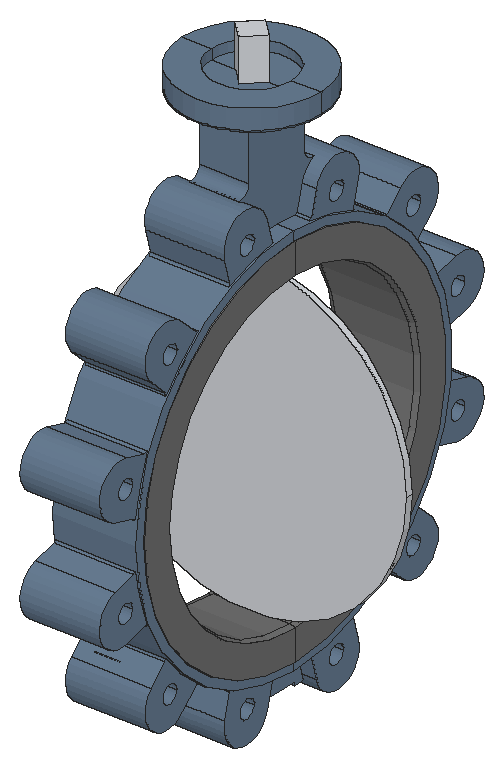
Revit family "HERZ Isolating Butterfly Valves AF-4219", category Rohrzubehör, Revit 2019 (continued)
Lines and regions (mm)
  model lines, detail levels coarse+medium
    curve 11: line (39, 0, -183) -> (-39, 0, 183)
    curve 12: circle (0, 0, 0) r 5 normal (0, -1, 0)
Dimensions and locks
  "H01": Revolve 2 sketch curve to plane 2
  "H02": Revolve 2 sketch curve to Revolve 2 sketch curve
  "R01": Revolve 2 sketch curve to Revolve 2 sketch curve
  "D01": plane 2 to Revolve 1 sketch curve
  "D02": plane 2 to Revolve 1 sketch curve
  "D03": plane 2 to Revolve 1 sketch curve
  "L01": Revolve 1 sketch curve to plane 3 "Mitte (Links/rechts)"
  "L02": plane 3 "Mitte (Links/rechts)" to Revolve 1 sketch curve  (x2)
  "D05": Revolve 6 sketch curve to plane 2
  "D04": Revolve 6 sketch curve to plane 2  (x2)
  "D02": Revolve 6 sketch curve to plane 2  (x2)
  "L03": plane 3 "Mitte (Links/rechts)" to Revolve 6 sketch curve
  "L02": Revolve 6 sketch curve to plane 3 "Mitte (Links/rechts)"
  "L03": Revolve 6 sketch curve to plane 3 "Mitte (Links/rechts)"
  "L01": plane 3 "Mitte (Links/rechts)" to Revolve 1 sketch curve
  "D02": Revolve 1 sketch curve to plane 2
  "L02": plane 3 "Mitte (Links/rechts)" to Revolve 6 sketch curve
  "D03": plane 2 to Revolve 6 sketch curve
  "L04": Revolve 6 sketch curve to plane 3 "Mitte (Links/rechts)" to Revolve 6 sketch curve
  "L01": curve 2 to plane 3 "Mitte (Links/rechts)" to curve 4
  equal spacing: curve 3, curve 6, curve 1
  equal spacing: curve 2, curve 6, curve 4
  "D01": curve 1 to plane 1 "Mitte (Vorne/hinten)" to curve 3
  "L01": curve 7 to curve 12 to curve 9
  "D01": curve 10 to curve 12 to curve 8
  "H03": Revolve 2 sketch curve to Revolve 2 sketch curve
  "R02": Revolve 2 sketch curve to Revolve 2 sketch curve
  equal spacing: Extrusion 24 sketch curve, curve 11, Extrusion 24 sketch curve  (x2)
  "L05": Extrusion 24 sketch curve to Extrusion 24 sketch curve  (x2)
  "H04": Extrusion 24 to plane 2
  "H05": Extrusion 24 to Revolve 2
  "R99": radius of Revolve 2 sketch curve
  "D06": radius of Extrusion 7 sketch curve
  radius of curve 6 = 5.000 mm
  radius of curve 12 = 5.000 mm
  aligned and locked: level to plane 2
Automatic sketch dimensions
  Extrusion 3 sketch curve to Extrusion 3 sketch curve = 0.000 mm  (x20)
  Extrusion 3 sketch curve to level = 0.000 mm
  Extrusion 3 sketch curve to plane 1 "Mitte (Vorne/hinten)" = 0.000 mm
  plane 1 "Mitte (Vorne/hinten)" to Extrusion 3 sketch curve = 18.495 mm  (x2)
  Extrusion 3 sketch curve to Extrusion 3 sketch curve = 1.414 mm  (x16)
  Extrusion 3 sketch curve to Extrusion 3 sketch curve = 12.265 mm  (x8)
  Extrusion 3 sketch curve to level = 19.909 mm  (x2)
  Extrusion 3 sketch curve to Extrusion 3 sketch curve = 24.042 mm  (x8)
  level to Extrusion 3 sketch curve = 19.909 mm  (x2)
  Extrusion 3 sketch curve to Extrusion 3 sketch curve = 12.021 mm  (x12)
  Extrusion 3 sketch curve to plane 1 "Mitte (Vorne/hinten)" = 18.495 mm  (x2)
  Extrusion 3 sketch curve to Extrusion 3 sketch curve = 0.934 mm  (x4)
  Extrusion 4 sketch curve to level = 0.000 mm
  Extrusion 4 sketch curve to plane 1 "Mitte (Vorne/hinten)" = 0.000 mm
  plane 1 "Mitte (Vorne/hinten)" to Extrusion 4 sketch curve = 18.495 mm
  Extrusion 4 sketch curve to Extrusion 4 sketch curve = 1.414 mm  (x4)
  plane 1 "Mitte (Vorne/hinten)" to Extrusion 4 sketch curve = 20.000 mm
  Extrusion 4 sketch curve to Extrusion 4 sketch curve = 12.265 mm  (x2)
  Extrusion 4 sketch curve to Extrusion 4 sketch curve = 15.000 mm  (x2)
  Extrusion 4 sketch curve to Extrusion 4 sketch curve = 12.021 mm  (x4)
  Extrusion 4 sketch curve to plane 1 "Mitte (Vorne/hinten)" = 18.495 mm
  Extrusion 4 sketch curve to plane 1 "Mitte (Vorne/hinten)" = 20.000 mm
  level to Extrusion 4 sketch curve = 43.950 mm
  Extrusion 4 sketch curve to Extrusion 4 sketch curve = 0.000 mm
  Extrusion 4 sketch curve to Extrusion 4 sketch curve = 0.244 mm  (x2)
  Extrusion 4 sketch curve to Extrusion 4 sketch curve = 18.630 mm  (x2)
  Extrusion 4 sketch curve to Extrusion 4 sketch curve = 0.934 mm
  Extrusion 5 sketch curve to level = 0.000 mm
  Extrusion 5 sketch curve to plane 1 "Mitte (Vorne/hinten)" = 0.000 mm
  plane 1 "Mitte (Vorne/hinten)" to Extrusion 5 sketch curve = 15.000 mm
  Extrusion 5 sketch curve to Extrusion 5 sketch curve = 1.963 mm  (x2)
  Extrusion 5 sketch curve to Extrusion 5 sketch curve = 1.531 mm  (x2)
  Extrusion 5 sketch curve to Extrusion 5 sketch curve = 1.414 mm  (x4)
  Extrusion 5 sketch curve to Extrusion 5 sketch curve = 15.210 mm  (x2)
  Extrusion 5 sketch curve to Extrusion 5 sketch curve = 1.660 mm  (x2)
  Extrusion 5 sketch curve to Extrusion 5 sketch curve = 12.021 mm  (x3)
  Extrusion 5 sketch curve to plane 1 "Mitte (Vorne/hinten)" = 15.000 mm
  Extrusion 5 sketch curve to Extrusion 5 sketch curve = 1.037 mm  (x2)
  Extrusion 5 sketch curve to Extrusion 5 sketch curve = 1.400 mm  (x2)
  Extrusion 5 sketch curve to Extrusion 5 sketch curve = 1.785 mm  (x2)
  Extrusion 5 sketch curve to Extrusion 5 sketch curve = 12.635 mm  (x2)
  Extrusion 5 sketch curve to Extrusion 5 sketch curve = 0.934 mm
  Extrusion 5 sketch curve to Extrusion 5 sketch curve = 0.788 mm  (x2)
  Extrusion 5 sketch curve to Extrusion 5 sketch curve = 0.000 mm  (x2)
  Extrusion 4 sketch curve to Extrusion 4 sketch curve = 37.155 mm
  Extrusion 5 sketch curve to level = 43.950 mm
  Extrusion 8 sketch curve to Extrusion 8 sketch curve = 0.000 mm  (x12)
  Extrusion 8 sketch curve to level = 39.244 mm  (x2)
  plane 1 "Mitte (Vorne/hinten)" to Extrusion 8 sketch curve = 63.286 mm
  level to Extrusion 8 sketch curve = 39.244 mm  (x2)
  Extrusion 8 sketch curve to Extrusion 8 sketch curve = 9.190 mm  (x2)
  level to Extrusion 8 sketch curve = 28.614 mm  (x2)
  Extrusion 8 sketch curve to Extrusion 8 sketch curve = 1.441 mm  (x8)
  Extrusion 8 sketch curve to level = 28.614 mm  (x2)
  Extrusion 8 sketch curve to Extrusion 8 sketch curve = 12.021 mm  (x6)
  level to Extrusion 8 sketch curve = 63.286 mm  (x2)
  Extrusion 8 sketch curve to level = 63.286 mm  (x2)
  level to Extrusion 8 sketch curve = 52.636 mm  (x2)
  Extrusion 8 sketch curve to Extrusion 8 sketch curve = 10.650 mm  (x4)
  Extrusion 8 sketch curve to level = 52.636 mm  (x2)
  Extrusion 8 sketch curve to Extrusion 8 sketch curve = 1.414 mm  (x8)
  level to Extrusion 8 sketch curve = 0.001 mm  (x2)
  Extrusion 8 sketch curve to Extrusion 8 sketch curve = 28.594 mm
  Extrusion 8 sketch curve to level = 0.001 mm  (x2)
  Extrusion 8 sketch curve to Extrusion 8 sketch curve = 0.001 mm  (x2)
  Extrusion 8 sketch curve to Extrusion 8 sketch curve = 54.361 mm  (x2)
  Extrusion 8 sketch curve to Extrusion 8 sketch curve = 1.390 mm  (x2)
  Extrusion 8 sketch curve to Extrusion 8 sketch curve = 10.630 mm  (x2)
  Extrusion 8 sketch curve to Extrusion 8 sketch curve = 1.832 mm  (x2)
  Extrusion 9 sketch curve to Extrusion 9 sketch curve = 0.000 mm  (x5)
  Extrusion 9 sketch curve to level = 0.000 mm
  Extrusion 9 sketch curve to level = 51.265 mm
  plane 1 "Mitte (Vorne/hinten)" to Extrusion 9 sketch curve = 51.265 mm
  level to Extrusion 9 sketch curve = 51.265 mm
  Extrusion 9 sketch curve to Extrusion 9 sketch curve = 9.247 mm  (x3)
  Extrusion 9 sketch curve to level = 63.286 mm  (x2)
  Extrusion 9 sketch curve to Extrusion 9 sketch curve = 2.774 mm  (x4)
  level to Extrusion 9 sketch curve = 63.286 mm  (x2)
  Extrusion 9 sketch curve to Extrusion 9 sketch curve = 2.244 mm  (x2)
  Extrusion 9 sketch curve to Extrusion 9 sketch curve = 0.183 mm  (x2)
  level to Extrusion 9 sketch curve = 52.636 mm  (x2)
  Extrusion 9 sketch curve to Extrusion 9 sketch curve = 10.650 mm  (x3)
  Extrusion 9 sketch curve to level = 52.636 mm  (x2)
  Extrusion 9 sketch curve to Extrusion 9 sketch curve = 1.414 mm  (x8)
  Extrusion 9 sketch curve to Extrusion 9 sketch curve = 14.817 mm  (x2)
  Extrusion 9 sketch curve to Extrusion 9 sketch curve = 7.210 mm
  Extrusion 9 sketch curve to Extrusion 9 sketch curve = 1.971 mm
  Extrusion 9 sketch curve to Extrusion 9 sketch curve = 28.595 mm
  Extrusion 9 sketch curve to Extrusion 9 sketch curve = 36.000 mm
  Extrusion 9 sketch curve to Extrusion 9 sketch curve = 1.997 mm
  Extrusion 9 sketch curve to Extrusion 9 sketch curve = 44.000 mm
  Extrusion 9 sketch curve to Extrusion 9 sketch curve = 5.181 mm
  Extrusion 9 sketch curve to Extrusion 9 sketch curve = 7.184 mm
  Extrusion 9 sketch curve to Extrusion 9 sketch curve = 12.021 mm  (x2)
  Extrusion 9 sketch curve to Extrusion 9 sketch curve = 14.891 mm
  Extrusion 9 sketch curve to Extrusion 9 sketch curve = 6.473 mm
  Extrusion 9 sketch curve to Extrusion 9 sketch curve = 12.756 mm  (x2)
  Extrusion 9 sketch curve to Extrusion 9 sketch curve = 55.987 mm
  Extrusion 10 sketch curve to Extrusion 10 sketch curve = 0.000 mm  (x48)
  level to Extrusion 10 sketch curve = 14.909 mm  (x2)
  plane 1 "Mitte (Vorne/hinten)" to Extrusion 10 sketch curve = 80.416 mm
  Extrusion 10 sketch curve to level = 14.909 mm  (x2)
  Extrusion 10 sketch curve to Extrusion 10 sketch curve = 6.506 mm  (x6)
  Extrusion 10 sketch curve to level = 46.321 mm  (x2)
  level to Extrusion 10 sketch curve = 46.321 mm  (x2)
  Extrusion 10 sketch curve to level = 7.243 mm
  Extrusion 10 sketch curve to Extrusion 10 sketch curve = 13.321 mm
  level to Extrusion 10 sketch curve = 7.243 mm
  Extrusion 10 sketch curve to level = 9.076 mm  (x2)
  Extrusion 10 sketch curve to Extrusion 10 sketch curve = 0.759 mm  (x8)
  level to Extrusion 10 sketch curve = 9.076 mm  (x2)
  level to Extrusion 10 sketch curve = 40.487 mm  (x2)
  Extrusion 10 sketch curve to Extrusion 10 sketch curve = 14.082 mm  (x4)
  Extrusion 10 sketch curve to level = 40.487 mm  (x2)
  Extrusion 10 sketch curve to Extrusion 10 sketch curve = 0.758 mm  (x8)
  level to Extrusion 10 sketch curve = 67.405 mm  (x2)
  Extrusion 10 sketch curve to Extrusion 10 sketch curve = 6.243 mm  (x2)
  Extrusion 10 sketch curve to level = 67.405 mm  (x2)
  Extrusion 10 sketch curve to Extrusion 10 sketch curve = 10.245 mm  (x4)
  level to Extrusion 10 sketch curve = 53.322 mm  (x2)
  Extrusion 10 sketch curve to Extrusion 10 sketch curve = 1.831 mm  (x8)
  Extrusion 10 sketch curve to level = 53.322 mm  (x2)
  Extrusion 10 sketch curve to Extrusion 10 sketch curve = 15.706 mm  (x6)
  level to Extrusion 10 sketch curve = 80.416 mm  (x2)
  Extrusion 10 sketch curve to level = 80.416 mm  (x2)
  Extrusion 10 sketch curve to level = 66.335 mm  (x2)
  Extrusion 10 sketch curve to Extrusion 10 sketch curve = 5.832 mm  (x4)
  level to Extrusion 10 sketch curve = 66.335 mm  (x2)
  Extrusion 10 sketch curve to Extrusion 10 sketch curve = 1.833 mm  (x6)
  level to Extrusion 10 sketch curve = 0.000 mm
  Extrusion 10 sketch curve to Extrusion 10 sketch curve = 14.486 mm  (x2)
  Extrusion 10 sketch curve to Extrusion 10 sketch curve = 9.873 mm  (x2)
  Extrusion 10 sketch curve to Extrusion 10 sketch curve = 5.833 mm  (x2)
  Extrusion 10 sketch curve to Extrusion 10 sketch curve = 13.013 mm
  Extrusion 10 sketch curve to Extrusion 10 sketch curve = 14.081 mm  (x2)
  Extrusion 10 sketch curve to Extrusion 10 sketch curve = 1.973 mm  (x4)
  Extrusion 10 sketch curve to Extrusion 10 sketch curve = 1.544 mm  (x4)
  Extrusion 10 sketch curve to Extrusion 10 sketch curve = 1.243 mm  (x3)
  Extrusion 10 sketch curve to Extrusion 10 sketch curve = 0.211 mm  (x2)
  Extrusion 10 sketch curve to Extrusion 10 sketch curve = 0.002 mm  (x5)
  Extrusion 10 sketch curve to Extrusion 10 sketch curve = 0.213 mm  (x2)
  Extrusion 10 sketch curve to Extrusion 10 sketch curve = 41.076 mm
  Extrusion 10 sketch curve to level = 0.000 mm
  level to Extrusion 11 sketch curve = 100.814 mm
  plane 1 "Mitte (Vorne/hinten)" to Extrusion 11 sketch curve = 32.000 mm
  Extrusion 11 sketch curve to Extrusion 11 sketch curve = 1.385 mm
  Extrusion 11 sketch curve to Extrusion 11 sketch curve = 10.000 mm  (x2)
  Extrusion 11 sketch curve to level = 80.416 mm
  Extrusion 11 sketch curve to Extrusion 11 sketch curve = 15.706 mm  (x3)
  level to Extrusion 11 sketch curve = 80.416 mm  (x2)
  Extrusion 11 sketch curve to Extrusion 11 sketch curve = 1.409 mm
  Extrusion 11 sketch curve to level = 66.335 mm  (x2)
  Extrusion 11 sketch curve to Extrusion 11 sketch curve = 5.832 mm  (x3)
  level to Extrusion 11 sketch curve = 66.335 mm  (x2)
  Extrusion 11 sketch curve to Extrusion 11 sketch curve = 1.833 mm  (x4)
  level to Extrusion 11 sketch curve = 0.554 mm
  Extrusion 11 sketch curve to Extrusion 11 sketch curve = 9.076 mm
  Extrusion 11 sketch curve to level = 0.554 mm
  Extrusion 11 sketch curve to Extrusion 11 sketch curve = 0.000 mm  (x3)
  Extrusion 11 sketch curve to Extrusion 11 sketch curve = 14.486 mm  (x2)
  Extrusion 11 sketch curve to Extrusion 11 sketch curve = 44.000 mm
  Extrusion 11 sketch curve to Extrusion 11 sketch curve = 0.759 mm  (x4)
  Extrusion 11 sketch curve to Extrusion 11 sketch curve = 6.506 mm
  Extrusion 11 sketch curve to Extrusion 11 sketch curve = 42.686 mm
  Extrusion 11 sketch curve to level = 80.371 mm
  Extrusion 11 sketch curve to Extrusion 11 sketch curve = 1.390 mm
  Extrusion 11 sketch curve to Extrusion 11 sketch curve = 27.000 mm
  Extrusion 12 sketch curve to Extrusion 12 sketch curve = 0.000 mm  (x40)
  Extrusion 12 sketch curve to level = 0.000 mm
  level to Extrusion 12 sketch curve = 18.736 mm  (x2)
  plane 1 "Mitte (Vorne/hinten)" to Extrusion 12 sketch curve = 89.655 mm
  Extrusion 12 sketch curve to level = 18.736 mm  (x2)
  Extrusion 12 sketch curve to Extrusion 12 sketch curve = 6.506 mm  (x6)
  Extrusion 12 sketch curve to level = 50.147 mm  (x2)
  level to Extrusion 12 sketch curve = 50.147 mm  (x2)
  Extrusion 12 sketch curve to Extrusion 12 sketch curve = 13.415 mm  (x2)
  Extrusion 12 sketch curve to level = 12.858 mm  (x2)
  Extrusion 12 sketch curve to Extrusion 12 sketch curve = 0.776 mm  (x8)
  level to Extrusion 12 sketch curve = 12.858 mm  (x2)
  Extrusion 12 sketch curve to level = 44.269 mm  (x2)
  Extrusion 12 sketch curve to Extrusion 12 sketch curve = 14.192 mm  (x4)
  level to Extrusion 12 sketch curve = 44.269 mm  (x2)
  Extrusion 12 sketch curve to Extrusion 12 sketch curve = 0.775 mm  (x8)
  level to Extrusion 12 sketch curve = 76.644 mm  (x2)
  Extrusion 12 sketch curve to Extrusion 12 sketch curve = 11.529 mm  (x2)
  Extrusion 12 sketch curve to level = 76.644 mm  (x2)
  Extrusion 12 sketch curve to Extrusion 12 sketch curve = 4.008 mm  (x2)
  level to Extrusion 12 sketch curve = 62.451 mm  (x2)
  Extrusion 12 sketch curve to Extrusion 12 sketch curve = 1.871 mm  (x8)
  Extrusion 12 sketch curve to level = 62.451 mm  (x2)
  Extrusion 12 sketch curve to Extrusion 12 sketch curve = 15.706 mm  (x6)
  level to Extrusion 12 sketch curve = 89.655 mm  (x2)
  Extrusion 12 sketch curve to level = 89.655 mm  (x2)
  Extrusion 12 sketch curve to level = 75.464 mm  (x2)
  Extrusion 12 sketch curve to Extrusion 12 sketch curve = 5.878 mm  (x4)
  level to Extrusion 12 sketch curve = 75.464 mm  (x2)
  Extrusion 12 sketch curve to Extrusion 12 sketch curve = 1.873 mm  (x8)
  Extrusion 12 sketch curve to Extrusion 12 sketch curve = 21.969 mm  (x2)
  Extrusion 12 sketch curve to Extrusion 12 sketch curve = 9.827 mm  (x2)
  Extrusion 12 sketch curve to Extrusion 12 sketch curve = 5.879 mm  (x2)
  Extrusion 12 sketch curve to Extrusion 12 sketch curve = 15.537 mm  (x2)
  Extrusion 12 sketch curve to Extrusion 12 sketch curve = 13.013 mm
  Extrusion 12 sketch curve to Extrusion 12 sketch curve = 14.190 mm  (x2)
  Extrusion 12 sketch curve to Extrusion 12 sketch curve = 44.269 mm
  Extrusion 13 sketch curve to Extrusion 13 sketch curve = 0.000 mm  (x5)
  Extrusion 13 sketch curve to level = 0.000 mm
  level to Extrusion 13 sketch curve = 114.470 mm
  plane 1 "Mitte (Vorne/hinten)" to Extrusion 13 sketch curve = 41.000 mm
  Extrusion 13 sketch curve to level = 83.149 mm
  Extrusion 13 sketch curve to Extrusion 13 sketch curve = 6.558 mm  (x2)
  Extrusion 13 sketch curve to Extrusion 13 sketch curve = 15.000 mm  (x2)
  level to Extrusion 13 sketch curve = 89.655 mm  (x2)
  Extrusion 13 sketch curve to Extrusion 13 sketch curve = 15.706 mm  (x2)
  Extrusion 13 sketch curve to Extrusion 13 sketch curve = 5.236 mm  (x2)
  level to Extrusion 13 sketch curve = 75.464 mm  (x2)
  Extrusion 13 sketch curve to Extrusion 13 sketch curve = 5.878 mm  (x3)
  Extrusion 13 sketch curve to level = 75.464 mm  (x2)
  Extrusion 13 sketch curve to Extrusion 13 sketch curve = 1.873 mm  (x4)
  Extrusion 13 sketch curve to Extrusion 13 sketch curve = 12.858 mm
  Extrusion 13 sketch curve to Extrusion 13 sketch curve = 21.969 mm
  Extrusion 13 sketch curve to Extrusion 13 sketch curve = 3.345 mm
  Extrusion 13 sketch curve to Extrusion 13 sketch curve = 3.000 mm  (x2)
  Extrusion 13 sketch curve to Extrusion 13 sketch curve = 6.506 mm  (x3)
  Extrusion 13 sketch curve to Extrusion 13 sketch curve = 0.776 mm  (x4)
  Extrusion 13 sketch curve to Extrusion 13 sketch curve = 31.321 mm
  Extrusion 13 sketch curve to Extrusion 13 sketch curve = 52.530 mm
  Extrusion 13 sketch curve to Extrusion 13 sketch curve = 11.129 mm  (x2)
  Extrusion 13 sketch curve to Extrusion 13 sketch curve = 9.812 mm  (x2)
  Extrusion 13 sketch curve to Extrusion 13 sketch curve = 3.078 mm
  Extrusion 13 sketch curve to Extrusion 13 sketch curve = 21.680 mm
  Extrusion 13 sketch curve to Extrusion 13 sketch curve = 2.515 mm
  Extrusion 13 sketch curve to Extrusion 13 sketch curve = 52.000 mm
  Extrusion 14 sketch curve to Extrusion 14 sketch curve = 0.000 mm  (x22)
  Extrusion 14 sketch curve to level = 24.476 mm  (x2)
  plane 1 "Mitte (Vorne/hinten)" to Extrusion 14 sketch curve = 103.513 mm
  level to Extrusion 14 sketch curve = 24.476 mm  (x2)
  Extrusion 14 sketch curve to Extrusion 14 sketch curve = 6.506 mm  (x6)
  Extrusion 14 sketch curve to Extrusion 14 sketch curve = 11.623 mm  (x2)
  Extrusion 14 sketch curve to level = 19.351 mm  (x2)
  Extrusion 14 sketch curve to Extrusion 14 sketch curve = 0.749 mm  (x8)
  level to Extrusion 14 sketch curve = 19.351 mm  (x2)
  Extrusion 14 sketch curve to level = 55.888 mm  (x2)
  level to Extrusion 14 sketch curve = 55.888 mm  (x2)
  Extrusion 14 sketch curve to level = 50.783 mm  (x2)
  Extrusion 14 sketch curve to Extrusion 14 sketch curve = 12.323 mm  (x4)
  level to Extrusion 14 sketch curve = 50.783 mm  (x2)
  Extrusion 14 sketch curve to Extrusion 14 sketch curve = 0.774 mm  (x8)
  level to Extrusion 14 sketch curve = 90.502 mm  (x2)
  Extrusion 14 sketch curve to Extrusion 14 sketch curve = 21.517 mm  (x2)
  Extrusion 14 sketch curve to level = 90.502 mm  (x2)
  Extrusion 14 sketch curve to Extrusion 14 sketch curve = 3.235 mm  (x2)
  Extrusion 14 sketch curve to level = 78.179 mm  (x2)
  Extrusion 14 sketch curve to Extrusion 14 sketch curve = 1.869 mm  (x8)
  level to Extrusion 14 sketch curve = 78.179 mm  (x2)
  Extrusion 14 sketch curve to Extrusion 14 sketch curve = 15.706 mm  (x6)
  level to Extrusion 14 sketch curve = 103.513 mm  (x2)
  Extrusion 14 sketch curve to level = 103.513 mm  (x2)
  level to Extrusion 14 sketch curve = 91.141 mm  (x2)
  Extrusion 14 sketch curve to Extrusion 14 sketch curve = 5.125 mm  (x4)
  Extrusion 14 sketch curve to level = 91.141 mm  (x2)
  Extrusion 14 sketch curve to Extrusion 14 sketch curve = 1.809 mm  (x8)
  Extrusion 14 sketch curve to level = 0.103 mm  (x2)
  Extrusion 14 sketch curve to Extrusion 14 sketch curve = 90.896 mm
  level to Extrusion 14 sketch curve = 0.103 mm  (x2)
  Extrusion 14 sketch curve to Extrusion 14 sketch curve = 0.142 mm  (x7)
  Extrusion 14 sketch curve to Extrusion 14 sketch curve = 0.207 mm  (x2)
  Extrusion 14 sketch curve to Extrusion 14 sketch curve = 35.084 mm  (x2)
  Extrusion 14 sketch curve to Extrusion 14 sketch curve = 10.601 mm  (x2)
  Extrusion 14 sketch curve to Extrusion 14 sketch curve = 5.104 mm  (x2)
  Extrusion 14 sketch curve to Extrusion 14 sketch curve = 24.752 mm  (x2)
  Extrusion 14 sketch curve to Extrusion 14 sketch curve = 12.962 mm  (x2)
  Extrusion 14 sketch curve to Extrusion 14 sketch curve = 12.372 mm  (x2)
  Extrusion 14 sketch curve to level = 0.245 mm
  Extrusion 14 sketch curve to Extrusion 14 sketch curve = 1.933 mm  (x2)
  Extrusion 14 sketch curve to Extrusion 14 sketch curve = 0.314 mm  (x2)
  level to Extrusion 15 sketch curve = 97.007 mm
  plane 1 "Mitte (Vorne/hinten)" to Extrusion 15 sketch curve = 40.182 mm
  Extrusion 15 sketch curve to level = 97.007 mm
  Extrusion 15 sketch curve to Extrusion 15 sketch curve = 0.000 mm  (x7)
  Extrusion 15 sketch curve to Extrusion 15 sketch curve = 4.132 mm
  Extrusion 15 sketch curve to Extrusion 15 sketch curve = 10.048 mm  (x2)
  Extrusion 15 sketch curve to Extrusion 15 sketch curve = 15.706 mm  (x3)
  level to Extrusion 15 sketch curve = 103.513 mm  (x2)
  level to Extrusion 15 sketch curve = 91.141 mm  (x2)
  Extrusion 15 sketch curve to Extrusion 15 sketch curve = 5.125 mm  (x3)
  Extrusion 15 sketch curve to level = 91.141 mm  (x2)
  Extrusion 15 sketch curve to Extrusion 15 sketch curve = 1.809 mm  (x4)
  Extrusion 15 sketch curve to Extrusion 15 sketch curve = 10.974 mm  (x2)
  Extrusion 15 sketch curve to level = 0.111 mm
  Extrusion 15 sketch curve to Extrusion 15 sketch curve = 19.350 mm
  level to Extrusion 15 sketch curve = 0.111 mm
  Extrusion 15 sketch curve to Extrusion 15 sketch curve = 35.081 mm
  Extrusion 15 sketch curve to Extrusion 15 sketch curve = 4.041 mm
  Extrusion 15 sketch curve to level = 103.513 mm
  Extrusion 15 sketch curve to Extrusion 15 sketch curve = 9.998 mm  (x2)
  Extrusion 15 sketch curve to Extrusion 15 sketch curve = 3.000 mm
  Extrusion 15 sketch curve to Extrusion 15 sketch curve = 6.505 mm  (x2)
  Extrusion 15 sketch curve to Extrusion 15 sketch curve = 0.749 mm  (x4)
  Extrusion 15 sketch curve to Extrusion 15 sketch curve = 20.176 mm  (x2)
  Extrusion 15 sketch curve to Extrusion 15 sketch curve = 62.311 mm
  Extrusion 15 sketch curve to Extrusion 15 sketch curve = 0.048 mm
  Extrusion 15 sketch curve to Extrusion 15 sketch curve = 11.626 mm  (x2)
  Extrusion 15 sketch curve to Extrusion 15 sketch curve = 27.000 mm
  Extrusion 15 sketch curve to Extrusion 15 sketch curve = 52.000 mm
  Extrusion 16 sketch curve to Extrusion 16 sketch curve = 0.000 mm  (x23)
  Extrusion 16 sketch curve to level = 26.521 mm  (x2)
  plane 1 "Mitte (Vorne/hinten)" to Extrusion 16 sketch curve = 118.902 mm
  level to Extrusion 16 sketch curve = 26.521 mm  (x2)
  Extrusion 16 sketch curve to Extrusion 16 sketch curve = 8.036 mm  (x6)
  Extrusion 16 sketch curve to Extrusion 16 sketch curve = 15.875 mm  (x2)
  level to Extrusion 16 sketch curve = 65.323 mm  (x2)
  Extrusion 16 sketch curve to level = 65.323 mm  (x2)
  level to Extrusion 16 sketch curve = 19.621 mm  (x2)
  Extrusion 16 sketch curve to Extrusion 16 sketch curve = 0.782 mm  (x8)
  Extrusion 16 sketch curve to level = 19.621 mm  (x2)
  Extrusion 16 sketch curve to level = 58.409 mm  (x2)
  Extrusion 16 sketch curve to Extrusion 16 sketch curve = 16.693 mm  (x4)
  level to Extrusion 16 sketch curve = 58.409 mm  (x2)
  Extrusion 16 sketch curve to Extrusion 16 sketch curve = 0.763 mm  (x8)
  Extrusion 16 sketch curve to level = 102.829 mm  (x2)
  Extrusion 16 sketch curve to Extrusion 16 sketch curve = 20.050 mm  (x2)
  level to Extrusion 16 sketch curve = 102.829 mm  (x2)
  Extrusion 16 sketch curve to Extrusion 16 sketch curve = 5.074 mm  (x2)
  level to Extrusion 16 sketch curve = 86.136 mm  (x2)
  Extrusion 16 sketch curve to Extrusion 16 sketch curve = 1.841 mm  (x8)
  Extrusion 16 sketch curve to level = 86.136 mm  (x2)
  Extrusion 16 sketch curve to Extrusion 16 sketch curve = 19.401 mm  (x6)
  level to Extrusion 16 sketch curve = 118.902 mm  (x2)
  Extrusion 16 sketch curve to level = 118.902 mm  (x2)
  level to Extrusion 16 sketch curve = 102.246 mm  (x2)
  Extrusion 16 sketch curve to Extrusion 16 sketch curve = 6.899 mm  (x4)
  Extrusion 16 sketch curve to level = 102.246 mm  (x2)
  Extrusion 16 sketch curve to Extrusion 16 sketch curve = 1.887 mm  (x8)
  level to Extrusion 16 sketch curve = 0.002 mm  (x2)
  Extrusion 16 sketch curve to Extrusion 16 sketch curve = 86.133 mm
  Extrusion 16 sketch curve to level = 0.002 mm
  Extrusion 16 sketch curve to Extrusion 16 sketch curve = 0.001 mm  (x8)
  Extrusion 16 sketch curve to Extrusion 16 sketch curve = 35.469 mm  (x2)
  Extrusion 16 sketch curve to Extrusion 16 sketch curve = 12.487 mm  (x2)
  Extrusion 16 sketch curve to Extrusion 16 sketch curve = 6.914 mm  (x2)
  Extrusion 16 sketch curve to Extrusion 16 sketch curve = 25.124 mm  (x2)
  Extrusion 16 sketch curve to Extrusion 16 sketch curve = 16.110 mm
  Extrusion 16 sketch curve to Extrusion 16 sketch curve = 16.656 mm  (x2)
  Extrusion 16 sketch curve to level = 0.003 mm
  Extrusion 16 sketch curve to Extrusion 16 sketch curve = 2.019 mm  (x2)
  Extrusion 16 sketch curve to Extrusion 16 sketch curve = 0.309 mm  (x2)
  Extrusion 16 sketch curve to Extrusion 16 sketch curve = 0.004 mm  (x2)
  Extrusion 17 sketch curve to Extrusion 17 sketch curve = 0.000 mm  (x7)
  Extrusion 17 sketch curve to level = 0.000 mm
  Extrusion 17 sketch curve to plane 1 "Mitte (Vorne/hinten)" = 0.000 mm
  plane 1 "Mitte (Vorne/hinten)" to Extrusion 17 sketch curve = 13.500 mm
  plane 1 "Mitte (Vorne/hinten)" to Extrusion 17 sketch curve = 17.734 mm  (x2)
  Extrusion 17 sketch curve to Extrusion 17 sketch curve = 1.887 mm  (x4)
  plane 1 "Mitte (Vorne/hinten)" to Extrusion 17 sketch curve = 26.000 mm
  Extrusion 17 sketch curve to Extrusion 17 sketch curve = 0.521 mm
  Extrusion 17 sketch curve to Extrusion 17 sketch curve = 13.021 mm  (x2)
  Extrusion 17 sketch curve to Extrusion 17 sketch curve = 4.341 mm  (x2)
  Extrusion 17 sketch curve to Extrusion 17 sketch curve = 10.000 mm  (x2)
  Extrusion 17 sketch curve to Extrusion 17 sketch curve = 19.401 mm  (x4)
  Extrusion 17 sketch curve to plane 1 "Mitte (Vorne/hinten)" = 13.500 mm
  Extrusion 17 sketch curve to plane 1 "Mitte (Vorne/hinten)" = 17.734 mm  (x2)
  Extrusion 17 sketch curve to Extrusion 17 sketch curve = 6.899 mm
  Extrusion 17 sketch curve to level = 102.246 mm
  Extrusion 17 sketch curve to Extrusion 17 sketch curve = 0.782 mm  (x4)
  Extrusion 17 sketch curve to Extrusion 17 sketch curve = 8.620 mm  (x4)
  Extrusion 17 sketch curve to Extrusion 17 sketch curve = 16.656 mm  (x4)
  Extrusion 17 sketch curve to Extrusion 17 sketch curve = 3.000 mm
  level to Extrusion 17 sketch curve = 102.246 mm
  Extrusion 17 sketch curve to Extrusion 17 sketch curve = 16.098 mm  (x2)
  Extrusion 17 sketch curve to Extrusion 17 sketch curve = 64.000 mm
  Extrusion 17 sketch curve to Extrusion 17 sketch curve = 4.938 mm
  Extrusion 18 sketch curve to Extrusion 18 sketch curve = 0.000 mm  (x62)
  Extrusion 18 sketch curve to level = 0.000 mm
  Extrusion 18 sketch curve to level = 17.891 mm  (x2)
  plane 1 "Mitte (Vorne/hinten)" to Extrusion 18 sketch curve = 147.909 mm
  level to Extrusion 18 sketch curve = 17.891 mm  (x2)
  Extrusion 18 sketch curve to Extrusion 18 sketch curve = 5.435 mm  (x6)
  Extrusion 18 sketch curve to level = 58.460 mm  (x2)
  level to Extrusion 18 sketch curve = 58.460 mm  (x2)
  Extrusion 18 sketch curve to Extrusion 18 sketch curve = 15.462 mm  (x2)
  level to Extrusion 18 sketch curve = 13.612 mm  (x2)
  Extrusion 18 sketch curve to Extrusion 18 sketch curve = 0.509 mm  (x8)
  Extrusion 18 sketch curve to level = 13.612 mm  (x2)
  Extrusion 18 sketch curve to level = 54.199 mm  (x2)
  Extrusion 18 sketch curve to Extrusion 18 sketch curve = 15.903 mm  (x4)
  level to Extrusion 18 sketch curve = 54.199 mm  (x2)
  Extrusion 18 sketch curve to Extrusion 18 sketch curve = 0.530 mm  (x8)
  Extrusion 18 sketch curve to level = 89.449 mm  (x2)
  Extrusion 18 sketch curve to Extrusion 18 sketch curve = 1.459 mm  (x2)
  level to Extrusion 18 sketch curve = 89.449 mm  (x2)
  Extrusion 18 sketch curve to Extrusion 18 sketch curve = 10.302 mm  (x2)
  Extrusion 18 sketch curve to level = 77.758 mm  (x2)
  Extrusion 18 sketch curve to Extrusion 18 sketch curve = 1.389 mm  (x8)
  level to Extrusion 18 sketch curve = 77.758 mm  (x2)
  Extrusion 18 sketch curve to Extrusion 18 sketch curve = 14.849 mm  (x6)
  Extrusion 18 sketch curve to level = 119.147 mm  (x2)
  level to Extrusion 18 sketch curve = 119.147 mm  (x2)
  level to Extrusion 18 sketch curve = 107.506 mm  (x2)
  Extrusion 18 sketch curve to Extrusion 18 sketch curve = 11.642 mm  (x4)
  Extrusion 18 sketch curve to level = 107.506 mm  (x2)
  Extrusion 18 sketch curve to Extrusion 18 sketch curve = 1.448 mm  (x8)
  level to Extrusion 18 sketch curve = 137.039 mm  (x2)
  Extrusion 18 sketch curve to Extrusion 18 sketch curve = 17.899 mm  (x2)
  Extrusion 18 sketch curve to level = 137.039 mm  (x2)
  Extrusion 18 sketch curve to Extrusion 18 sketch curve = 2.283 mm  (x2)
  Extrusion 18 sketch curve to level = 121.136 mm  (x2)
  Extrusion 18 sketch curve to Extrusion 18 sketch curve = 1.978 mm  (x8)
  level to Extrusion 18 sketch curve = 121.136 mm  (x2)
  Extrusion 18 sketch curve to Extrusion 18 sketch curve = 20.284 mm  (x6)
  Extrusion 18 sketch curve to level = 147.909 mm  (x2)
  level to Extrusion 18 sketch curve = 147.909 mm  (x2)
  level to Extrusion 18 sketch curve = 131.939 mm  (x2)
  Extrusion 18 sketch curve to Extrusion 18 sketch curve = 4.279 mm  (x4)
  Extrusion 18 sketch curve to level = 131.939 mm  (x2)
  Extrusion 18 sketch curve to Extrusion 18 sketch curve = 1.898 mm  (x8)
  Extrusion 18 sketch curve to Extrusion 18 sketch curve = 13.612 mm
  Extrusion 18 sketch curve to Extrusion 18 sketch curve = 23.429 mm  (x2)
  Extrusion 18 sketch curve to Extrusion 18 sketch curve = 16.023 mm  (x2)
  Extrusion 18 sketch curve to Extrusion 18 sketch curve = 4.261 mm  (x2)
  Extrusion 18 sketch curve to Extrusion 18 sketch curve = 20.183 mm  (x2)
  Extrusion 18 sketch curve to Extrusion 18 sketch curve = 3.158 mm  (x2)
  Extrusion 18 sketch curve to Extrusion 18 sketch curve = 11.691 mm  (x2)
  Extrusion 18 sketch curve to Extrusion 18 sketch curve = 11.760 mm  (x2)
  Extrusion 18 sketch curve to Extrusion 18 sketch curve = 10.803 mm
  Extrusion 18 sketch curve to Extrusion 18 sketch curve = 15.970 mm  (x2)
  Extrusion 19 sketch curve to Extrusion 19 sketch curve = 0.000 mm  (x5)
  Extrusion 19 sketch curve to level = 0.000 mm
  Extrusion 19 sketch curve to level = 142.474 mm
  plane 1 "Mitte (Vorne/hinten)" to Extrusion 19 sketch curve = 38.176 mm
  level to Extrusion 19 sketch curve = 142.474 mm
  Extrusion 19 sketch curve to Extrusion 19 sketch curve = 8.163 mm
  Extrusion 19 sketch curve to Extrusion 19 sketch curve = 2.013 mm  (x2)
  Extrusion 19 sketch curve to level = 147.909 mm
  Extrusion 19 sketch curve to Extrusion 19 sketch curve = 20.284 mm  (x3)
  level to Extrusion 19 sketch curve = 147.909 mm  (x2)
  Extrusion 19 sketch curve to Extrusion 19 sketch curve = 10.109 mm
  Extrusion 19 sketch curve to level = 131.939 mm  (x2)
  Extrusion 19 sketch curve to Extrusion 19 sketch curve = 4.279 mm  (x4)
  level to Extrusion 19 sketch curve = 131.939 mm  (x2)
  Extrusion 19 sketch curve to Extrusion 19 sketch curve = 1.898 mm  (x4)
  Extrusion 19 sketch curve to Extrusion 19 sketch curve = 13.612 mm
  Extrusion 19 sketch curve to Extrusion 19 sketch curve = 23.429 mm  (x2)
  Extrusion 19 sketch curve to Extrusion 19 sketch curve = 56.000 mm
  Extrusion 19 sketch curve to Extrusion 19 sketch curve = 5.435 mm  (x2)
  Extrusion 19 sketch curve to Extrusion 19 sketch curve = 0.509 mm  (x4)
  Extrusion 19 sketch curve to Extrusion 19 sketch curve = 16.081 mm  (x2)
  Extrusion 19 sketch curve to Extrusion 19 sketch curve = 66.010 mm
  Extrusion 19 sketch curve to Extrusion 19 sketch curve = 1.832 mm  (x2)
  Extrusion 19 sketch curve to Extrusion 19 sketch curve = 0.173 mm
  Extrusion 20 sketch curve to level = 22.097 mm  (x2)
  plane 1 "Mitte (Vorne/hinten)" to Extrusion 20 sketch curve = 177.618 mm
  level to Extrusion 20 sketch curve = 22.097 mm  (x2)
  Extrusion 20 sketch curve to Extrusion 20 sketch curve = 0.000 mm  (x17)
  Extrusion 20 sketch curve to Extrusion 20 sketch curve = 6.470 mm  (x4)
  Extrusion 20 sketch curve to Extrusion 20 sketch curve = 2.415 mm  (x8)
  level to Extrusion 20 sketch curve = 70.393 mm  (x2)
  Extrusion 20 sketch curve to level = 70.393 mm  (x2)
  Extrusion 20 sketch curve to Extrusion 20 sketch curve = 18.556 mm  (x2)
  Extrusion 20 sketch curve to level = 16.983 mm  (x2)
  Extrusion 20 sketch curve to Extrusion 20 sketch curve = 0.529 mm  (x16)
  level to Extrusion 20 sketch curve = 16.983 mm  (x2)
  level to Extrusion 20 sketch curve = 65.280 mm  (x2)
  Extrusion 20 sketch curve to Extrusion 20 sketch curve = 19.085 mm  (x6)
  Extrusion 20 sketch curve to level = 65.280 mm  (x2)
  Extrusion 20 sketch curve to level = 107.956 mm  (x2)
  Extrusion 20 sketch curve to Extrusion 20 sketch curve = 2.085 mm  (x2)
  level to Extrusion 20 sketch curve = 107.956 mm  (x2)
  Extrusion 20 sketch curve to Extrusion 20 sketch curve = 12.527 mm  (x2)
  level to Extrusion 20 sketch curve = 93.984 mm  (x2)
  Extrusion 20 sketch curve to Extrusion 20 sketch curve = 1.445 mm  (x16)
  Extrusion 20 sketch curve to level = 93.984 mm  (x2)
  Extrusion 20 sketch curve to Extrusion 20 sketch curve = 17.678 mm  (x4)
  Extrusion 20 sketch curve to Extrusion 20 sketch curve = 1.768 mm  (x8)
  level to Extrusion 20 sketch curve = 143.311 mm  (x2)
  Extrusion 20 sketch curve to level = 143.311 mm  (x2)
  Extrusion 20 sketch curve to level = 129.340 mm  (x2)
  Extrusion 20 sketch curve to Extrusion 20 sketch curve = 13.971 mm  (x6)
  level to Extrusion 20 sketch curve = 129.340 mm  (x2)
  level to Extrusion 20 sketch curve = 164.981 mm  (x2)
  Extrusion 20 sketch curve to Extrusion 20 sketch curve = 22.118 mm  (x2)
  Extrusion 20 sketch curve to level = 164.981 mm  (x2)
  Extrusion 20 sketch curve to Extrusion 20 sketch curve = 3.140 mm  (x2)
  level to Extrusion 20 sketch curve = 145.897 mm  (x2)
  Extrusion 20 sketch curve to Extrusion 20 sketch curve = 1.974 mm  (x8)
  Extrusion 20 sketch curve to level = 145.897 mm  (x2)
  Extrusion 20 sketch curve to Extrusion 20 sketch curve = 24.148 mm  (x4)
  Extrusion 20 sketch curve to Extrusion 20 sketch curve = 0.647 mm  (x8)
  level to Extrusion 20 sketch curve = 177.922 mm  (x2)
  Extrusion 20 sketch curve to level = 177.922 mm  (x2)
  level to Extrusion 20 sketch curve = 158.837 mm  (x2)
  Extrusion 20 sketch curve to Extrusion 20 sketch curve = 5.114 mm  (x6)
  Extrusion 20 sketch curve to level = 158.837 mm  (x2)
  Extrusion 20 sketch curve to Extrusion 20 sketch curve = 1.973 mm  (x8)
  Extrusion 20 sketch curve to level = 0.226 mm  (x2)
  Extrusion 20 sketch curve to Extrusion 20 sketch curve = 158.098 mm
  level to Extrusion 20 sketch curve = 0.226 mm
  level to Extrusion 20 sketch curve = 0.072 mm
  Extrusion 20 sketch curve to Extrusion 20 sketch curve = 0.128 mm  (x3)
  Extrusion 20 sketch curve to level = 0.072 mm
  Extrusion 20 sketch curve to Extrusion 20 sketch curve = 0.061 mm  (x4)
  Extrusion 20 sketch curve to level = 0.036 mm  (x2)
  Extrusion 20 sketch curve to Extrusion 20 sketch curve = 0.324 mm
  Extrusion 20 sketch curve to Extrusion 20 sketch curve = 29.244 mm  (x2)
  Extrusion 20 sketch curve to Extrusion 20 sketch curve = 23.501 mm  (x2)
  Extrusion 20 sketch curve to Extrusion 20 sketch curve = 19.681 mm  (x2)
  Extrusion 20 sketch curve to Extrusion 20 sketch curve = 25.258 mm  (x2)
  Extrusion 20 sketch curve to Extrusion 20 sketch curve = 15.910 mm  (x2)
  Extrusion 20 sketch curve to Extrusion 20 sketch curve = 5.474 mm  (x2)
  Extrusion 20 sketch curve to Extrusion 20 sketch curve = 14.612 mm  (x2)
  Extrusion 20 sketch curve to Extrusion 20 sketch curve = 12.940 mm
  Extrusion 20 sketch curve to Extrusion 20 sketch curve = 4.056 mm  (x2)
  Extrusion 20 sketch curve to Extrusion 20 sketch curve = 0.035 mm  (x2)
  level to Extrusion 20 sketch curve = 0.036 mm  (x2)
  Extrusion 20 sketch curve to Extrusion 20 sketch curve = 0.154 mm
  Extrusion 20 sketch curve to Extrusion 20 sketch curve = 2.037 mm  (x4)
  Extrusion 20 sketch curve to Extrusion 20 sketch curve = 1.856 mm  (x4)
  Extrusion 20 sketch curve to Extrusion 20 sketch curve = 1.841 mm  (x4)
  Extrusion 20 sketch curve to Extrusion 20 sketch curve = 1.179 mm  (x4)
  Extrusion 20 sketch curve to Extrusion 20 sketch curve = 0.856 mm  (x4)
  Extrusion 20 sketch curve to Extrusion 20 sketch curve = 0.153 mm  (x4)
  level to Extrusion 21 sketch curve = 171.452 mm
  plane 1 "Mitte (Vorne/hinten)" to Extrusion 21 sketch curve = 45.940 mm
  Extrusion 21 sketch curve to level = 171.452 mm
  Extrusion 21 sketch curve to Extrusion 21 sketch curve = 0.000 mm  (x2)
  Extrusion 21 sketch curve to Extrusion 21 sketch curve = 6.907 mm
  Extrusion 21 sketch curve to Extrusion 21 sketch curve = 11.901 mm
  Extrusion 21 sketch curve to Extrusion 21 sketch curve = 1.957 mm  (x2)
  Extrusion 21 sketch curve to level = 177.922 mm  (x2)
  Extrusion 21 sketch curve to Extrusion 21 sketch curve = 17.241 mm
  level to Extrusion 21 sketch curve = 177.922 mm  (x2)
  Extrusion 21 sketch curve to Extrusion 21 sketch curve = 10.291 mm  (x2)
  Extrusion 21 sketch curve to Extrusion 21 sketch curve = 0.709 mm  (x2)
  level to Extrusion 21 sketch curve = 158.808 mm  (x2)
  Extrusion 21 sketch curve to Extrusion 21 sketch curve = 5.122 mm  (x3)
  Extrusion 21 sketch curve to level = 158.808 mm  (x2)
  Extrusion 21 sketch curve to Extrusion 21 sketch curve = 1.932 mm  (x4)
  level to Extrusion 21 sketch curve = 0.021 mm
  Extrusion 21 sketch curve to Extrusion 21 sketch curve = 16.588 mm
  Extrusion 21 sketch curve to Extrusion 21 sketch curve = 29.311 mm  (x2)
  Extrusion 21 sketch curve to Extrusion 21 sketch curve = 24.148 mm
  Extrusion 21 sketch curve to Extrusion 21 sketch curve = 17.557 mm
  Extrusion 21 sketch curve to Extrusion 21 sketch curve = 3.000 mm
  Extrusion 21 sketch curve to Extrusion 21 sketch curve = 6.470 mm  (x2)
  Extrusion 21 sketch curve to Extrusion 21 sketch curve = 0.518 mm  (x4)
  Extrusion 21 sketch curve to level = 0.021 mm
  Extrusion 21 sketch curve to Extrusion 21 sketch curve = 17.717 mm  (x2)
  Extrusion 21 sketch curve to Extrusion 21 sketch curve = 67.361 mm
  Extrusion 21 sketch curve to Extrusion 21 sketch curve = 0.120 mm  (x2)
  Extrusion 21 sketch curve to Extrusion 21 sketch curve = 17.951 mm
  Extrusion 21 sketch curve to Extrusion 21 sketch curve = 6.344 mm
  level to Extrusion 22 sketch curve = 28.910 mm  (x2)
  plane 1 "Mitte (Vorne/hinten)" to Extrusion 22 sketch curve = 204.485 mm
  Extrusion 22 sketch curve to level = 28.910 mm  (x2)
  Extrusion 22 sketch curve to Extrusion 22 sketch curve = 0.000 mm  (x9)
  Extrusion 22 sketch curve to Extrusion 22 sketch curve = 6.470 mm  (x4)
  Extrusion 22 sketch curve to Extrusion 22 sketch curve = 4.830 mm  (x8)
  Extrusion 22 sketch curve to level = 77.206 mm  (x2)
  level to Extrusion 22 sketch curve = 77.206 mm  (x2)
  Extrusion 22 sketch curve to Extrusion 22 sketch curve = 20.758 mm  (x2)
  level to Extrusion 22 sketch curve = 23.212 mm  (x2)
  Extrusion 22 sketch curve to Extrusion 22 sketch curve = 0.507 mm  (x8)
  Extrusion 22 sketch curve to level = 23.212 mm  (x2)
  Extrusion 22 sketch curve to level = 71.520 mm  (x2)
  Extrusion 22 sketch curve to Extrusion 22 sketch curve = 21.221 mm  (x4)
  level to Extrusion 22 sketch curve = 71.520 mm  (x2)
  Extrusion 22 sketch curve to Extrusion 22 sketch curve = 0.521 mm  (x8)
  level to Extrusion 22 sketch curve = 127.279 mm  (x2)
  Extrusion 22 sketch curve to Extrusion 22 sketch curve = 7.168 mm  (x2)
  Extrusion 22 sketch curve to level = 127.279 mm  (x2)
  Extrusion 22 sketch curve to Extrusion 22 sketch curve = 14.182 mm  (x2)
  Extrusion 22 sketch curve to level = 111.712 mm  (x2)
  Extrusion 22 sketch curve to Extrusion 22 sketch curve = 1.386 mm  (x8)
  level to Extrusion 22 sketch curve = 111.712 mm  (x2)
  Extrusion 22 sketch curve to Extrusion 22 sketch curve = 17.678 mm  (x4)
  Extrusion 22 sketch curve to Extrusion 22 sketch curve = 3.536 mm  (x8)
  level to Extrusion 22 sketch curve = 162.635 mm  (x2)
  Extrusion 22 sketch curve to level = 162.635 mm  (x2)
  Extrusion 22 sketch curve to level = 147.100 mm  (x2)
  Extrusion 22 sketch curve to Extrusion 22 sketch curve = 15.535 mm  (x4)
  level to Extrusion 22 sketch curve = 147.100 mm  (x2)
  Extrusion 22 sketch curve to Extrusion 22 sketch curve = 1.423 mm  (x8)
  level to Extrusion 22 sketch curve = 191.544 mm  (x2)
  Extrusion 22 sketch curve to Extrusion 22 sketch curve = 33.115 mm  (x2)
  Extrusion 22 sketch curve to level = 191.544 mm  (x2)
  Extrusion 22 sketch curve to Extrusion 22 sketch curve = 3.742 mm  (x2)
  Extrusion 22 sketch curve to level = 170.323 mm  (x2)
  Extrusion 22 sketch curve to Extrusion 22 sketch curve = 1.944 mm  (x8)
  level to Extrusion 22 sketch curve = 170.323 mm  (x2)
  Extrusion 22 sketch curve to Extrusion 22 sketch curve = 24.148 mm  (x4)
  Extrusion 22 sketch curve to Extrusion 22 sketch curve = 1.294 mm  (x8)
  Extrusion 22 sketch curve to level = 204.485 mm  (x2)
  level to Extrusion 22 sketch curve = 204.485 mm  (x2)
  level to Extrusion 22 sketch curve = 183.220 mm  (x2)
  Extrusion 22 sketch curve to Extrusion 22 sketch curve = 5.698 mm  (x4)
  Extrusion 22 sketch curve to level = 183.220 mm  (x2)
  Extrusion 22 sketch curve to Extrusion 22 sketch curve = 1.893 mm  (x8)
  Extrusion 22 sketch curve to level = 0.029 mm
  Extrusion 22 sketch curve to Extrusion 22 sketch curve = 147.001 mm
  level to Extrusion 22 sketch curve = 0.029 mm  (x2)
  Extrusion 22 sketch curve to Extrusion 22 sketch curve = 0.008 mm  (x4)
  Extrusion 22 sketch curve to Extrusion 22 sketch curve = 0.029 mm  (x4)
  Extrusion 22 sketch curve to Extrusion 22 sketch curve = 0.057 mm  (x4)
  Extrusion 22 sketch curve to Extrusion 22 sketch curve = 42.638 mm  (x2)
  Extrusion 22 sketch curve to Extrusion 22 sketch curve = 22.854 mm  (x2)
  Extrusion 22 sketch curve to Extrusion 22 sketch curve = 19.756 mm  (x2)
  Extrusion 22 sketch curve to Extrusion 22 sketch curve = 5.686 mm  (x2)
  Extrusion 22 sketch curve to Extrusion 22 sketch curve = 36.857 mm  (x2)
  Extrusion 22 sketch curve to Extrusion 22 sketch curve = 14.142 mm  (x2)
  Extrusion 22 sketch curve to Extrusion 22 sketch curve = 5.646 mm  (x2)
  Extrusion 22 sketch curve to Extrusion 22 sketch curve = 15.567 mm  (x2)
  Extrusion 22 sketch curve to Extrusion 22 sketch curve = 21.349 mm  (x2)
  Extrusion 22 sketch curve to Extrusion 22 sketch curve = 12.897 mm
  Extrusion 22 sketch curve to Extrusion 22 sketch curve = 1.641 mm  (x2)
  Extrusion 22 sketch curve to Extrusion 22 sketch curve = 21.266 mm  (x2)
  Extrusion 22 sketch curve to level = 0.066 mm
  Extrusion 22 sketch curve to Extrusion 22 sketch curve = 0.037 mm
  Extrusion 22 sketch curve to Extrusion 22 sketch curve = 0.014 mm  (x4)
  Extrusion 22 sketch curve to Extrusion 22 sketch curve = 0.023 mm  (x3)
  Extrusion 22 sketch curve to Extrusion 22 sketch curve = 1.959 mm  (x2)
  Extrusion 22 sketch curve to Extrusion 22 sketch curve = 1.725 mm  (x2)
  Extrusion 23 sketch curve to Extrusion 23 sketch curve = 0.000 mm  (x4)
  Extrusion 23 sketch curve to level = 0.000 mm
  level to Extrusion 23 sketch curve = 198.015 mm
  plane 1 "Mitte (Vorne/hinten)" to Extrusion 23 sketch curve = 53.058 mm
  Extrusion 23 sketch curve to Extrusion 23 sketch curve = 11.058 mm
  Extrusion 23 sketch curve to Extrusion 23 sketch curve = 10.000 mm  (x2)
  Extrusion 23 sketch curve to Extrusion 23 sketch curve = 21.696 mm
  Extrusion 23 sketch curve to level = 204.485 mm
  Extrusion 23 sketch curve to Extrusion 23 sketch curve = 2.452 mm  (x2)
  level to Extrusion 23 sketch curve = 204.485 mm  (x2)
  Extrusion 23 sketch curve to Extrusion 23 sketch curve = 24.148 mm  (x3)
  Extrusion 23 sketch curve to level = 183.220 mm  (x2)
  Extrusion 23 sketch curve to Extrusion 23 sketch curve = 5.698 mm  (x3)
  level to Extrusion 23 sketch curve = 183.220 mm  (x2)
  Extrusion 23 sketch curve to Extrusion 23 sketch curve = 1.893 mm  (x4)
  Extrusion 23 sketch curve to Extrusion 23 sketch curve = 7.910 mm  (x2)
  Extrusion 23 sketch curve to Extrusion 23 sketch curve = 23.212 mm
  Extrusion 23 sketch curve to Extrusion 23 sketch curve = 42.000 mm
  Extrusion 23 sketch curve to Extrusion 23 sketch curve = 42.638 mm
  Extrusion 23 sketch curve to Extrusion 23 sketch curve = 0.319 mm
  Extrusion 23 sketch curve to Extrusion 23 sketch curve = 64.000 mm
  Extrusion 23 sketch curve to Extrusion 23 sketch curve = 2.951 mm
  Extrusion 23 sketch curve to Extrusion 23 sketch curve = 3.000 mm  (x2)
  Extrusion 23 sketch curve to Extrusion 23 sketch curve = 12.421 mm
  Extrusion 23 sketch curve to Extrusion 23 sketch curve = 0.507 mm  (x4)
  Extrusion 23 sketch curve to Extrusion 23 sketch curve = 6.470 mm
  Extrusion 23 sketch curve to Extrusion 23 sketch curve = 26.515 mm  (x2)
  Extrusion 23 sketch curve to Extrusion 23 sketch curve = 57.000 mm
  Extrusion 23 sketch curve to Extrusion 23 sketch curve = 0.014 mm  (x2)
  curve 12 to level = 0.000 mm
  curve 12 to plane 3 "Mitte (Links/rechts)" = 0.000 mm
  Revolve 1 sketch curve to level = 0.000 mm
  Revolve 1 sketch curve to Revolve 1 sketch curve = 1330.490 mm
  Revolve 1 sketch curve to Revolve 1 sketch curve = 1877.483 mm
  Revolve 2 sketch curve to plane 3 "Mitte (Links/rechts)" = 0.000 mm  (x2)
  Revolve 2 sketch curve to Revolve 2 sketch curve = 0.333 mm
  Revolve 2 sketch curve to level = 366.045 mm
  Revolve 2 sketch curve to Revolve 2 sketch curve = 2089.315 mm
  Revolve 6 sketch curve to level = 0.000 mm
  Revolve 6 sketch curve to Revolve 6 sketch curve = 1463.783 mm
  Revolve 6 sketch curve to Revolve 6 sketch curve = 1741.775 mm
  Extrusion 7 sketch curve to level = 0.000 mm
  Extrusion 7 sketch curve to plane 3 "Mitte (Links/rechts)" = 0.000 mm
  Extrusion 24 sketch curve to plane 3 "Mitte (Links/rechts)" = 0.000 mm
  radius of Extrusion 3 sketch curve = 6.920 mm  (x4)
  radius of Extrusion 8 sketch curve = 6.920 mm  (x4)
  radius of Extrusion 10 sketch curve = 6.920 mm  (x8)
  radius of Extrusion 12 sketch curve = 6.920 mm  (x8)
  radius of Extrusion 14 sketch curve = 6.920 mm  (x8)
  radius of Extrusion 16 sketch curve = 8.645 mm  (x8)
  radius of Extrusion 18 sketch curve = 8.645 mm  (x12)
  radius of Extrusion 20 sketch curve = 8.645 mm  (x12)
  radius of Extrusion 22 sketch curve = 8.645 mm  (x12)
Nested families
  nested 1: "Herz-Logo-vorne" at (-15, 0, 92), visible <- "DN50", type "Herz-Logo-vorne", detail levels fine
  nested 2: "Herz-Logo-vorne" at (-18, 0, 116.5), visible <- "DN65", type "Herz-Logo-vorne", detail levels fine
  nested 3: "Herz-Logo-vorne" at (-18.5, 0, 123.5), visible <- "DN80", type "Herz-Logo-vorne", detail levels fine
  nested 4: "Herz-Logo-vorne" at (-18, 0, 147), visible <- "DN100", type "Herz-Logo-vorne", detail levels fine
  nested 5: "Herz-Logo-vorne" at (-18, 0, 166), visible <- "DN125", type "Herz-Logo-vorne", detail levels fine
  nested 6: "Herz-Logo-vorne" at (-18, 0, 179), visible <- "DN150", type "Herz-Logo-vorne", detail levels fine
  nested 7: "Herz-Logo-vorne" at (-20, 0, 210), visible <- "DN200", type "Herz-Logo-vorne", detail levels fine
  nested 8: "Herz-Logo-vorne" at (-23, 0, 243), visible <- "DN250", type "Herz-Logo-vorne", detail levels fine
  nested 9: "Herz-Logo-vorne" at (-23, 0, 268), visible <- "DN300", type "Herz-Logo-vorne", detail levels fine
Connectors
  piping at (-40.5, 0, 0), diameter 300, driven by "Nennweite"
    settings: on Revolve 6, index 1, connector inside diameter 609.6 mm, connector length 0.000 mm, flow factor 0, pipe flow 0.0 L/s, pressure drop 0.0 Pa, fitting loss kfactor 0, connector angle 0.00°, fixture units 0, engagement length 0.000 mm, angle of deflection 0.00°, flow configuration 0, flow direction 0, fitting loss method 0, system type 29, joint type 0, gender type 0, connector reference index -1, connector utility 0, adjustable connector no, is connector primary yes, connector description ""
  piping at (40.5, 0, 0), diameter 300, driven by "Nennweite"
    settings: on Revolve 6, index 2, connector inside diameter 609.6 mm, connector length 0.000 mm, flow factor 0, pipe flow 0.0 L/s, pressure drop 0.0 Pa, fitting loss kfactor 0, connector angle 0.00°, fixture units 0, engagement length 0.000 mm, angle of deflection 0.00°, flow configuration 0, flow direction 0, fitting loss method 0, system type 29, joint type 0, gender type 0, connector reference index -1, connector utility 0, adjustable connector no, is connector primary no, connector description ""
Definition of nested family "Herz-Logo-vorne"
  Reference planes
    plane 1 "Mitte (Vorne/hinten)": y = 0
    plane 2: z = 0
    plane 3 "Mitte (Links/rechts)": x = 0
  Forms (mm)
    Extrusion 1, solid
      sketch origin (0.732, -0.018, 0.017) x (0, -1, 0) y (0, 0, 1)
        loop
          line (-0.018, -4.517) -> (4.482, -4.517) -> (4.482, 4.483) -> (-4.518, 4.483) -> (-4.518, -4.517) -> (-0.018, -4.517)
        loop
          line (-0.05, -3.48) -> (3.482, -3.48) -> (3.482, 3.483) -> (-3.518, 3.483) -> (-3.518, -3.48) -> (-0.05, -3.48)
        loop
          arc (-0.018, 2.383) -> (-1.543, 3.287) -> (-3.067, 2.383) r 1.738
          arc (-3.067, 2.383) -> (-3.191, 1.899) -> (-3.067, 1.415) r 1.009
          line (-3.067, 1.415) -> (-0.018, -3.281) -> (3.032, 1.415)
          arc (3.032, 1.415) -> (3.156, 1.899) -> (3.032, 2.383) r 1.009
          arc (3.032, 2.383) -> (1.507, 3.287) -> (-0.018, 2.383) r 1.738
        loop
          arc (1.885, 1.272) -> (2.005, 1.675) -> (1.885, 2.079) r 0.74
          arc (1.885, 2.079) -> (1.265, 2.416) -> (0.644, 2.079) r 0.74
          line (0.644, 2.079) -> (-0.018, 0.97) -> (-0.679, 2.079)
          arc (-0.679, 2.079) -> (-1.3, 2.416) -> (-1.921, 2.079) r 0.74
          arc (-1.921, 2.079) -> (-2.04, 1.675) -> (-1.921, 1.272) r 0.74
          line (-1.921, 1.272) -> (-0.018, -1.658) -> (1.885, 1.272)
      from 0 to 1.5
  Dimensions and locks
    aligned and locked: level to plane 2
